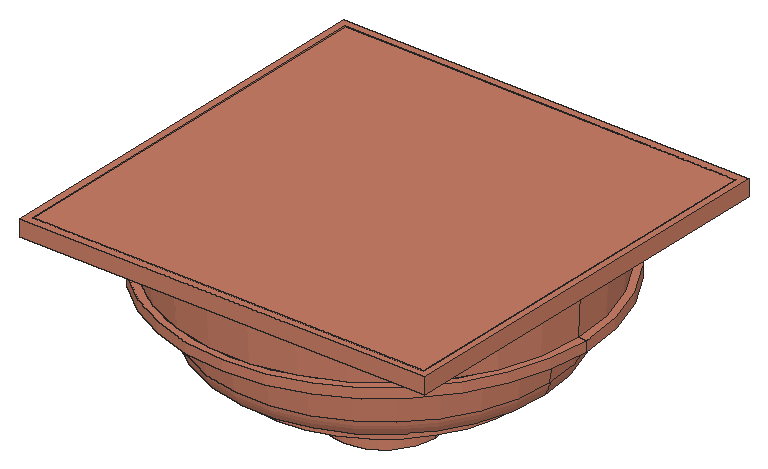
Revit family
Parameters (values of type "1410-03")
  Weight (lb) = 47.52
  Warranty = "1 year material and workmanship"  # constant formula
  URL = "http://www.jrsmith.com"
  Threaded = yes
  Technical and Installation = "http://www.jrsmith.com/products/roof/tech_data_index.htm"
  SmartBIM Object Version = 3  # constant formula
  SmartBIM Object Created By = "Reed Construction Data"  # constant formula
  Push On = yes
  Product URL = "http://www.jrsmith.com/products/roof/submittal/d1410.pdf"
  Pipe Radius = Pipe Diameter / 2  # 1 1/2"
  Pipe Diameter = 3"
  OmniClass Title = "Roof Drains"  # constant formula
  OmniClass Code = "22-22 14 26 13"  # constant formula
  No Hub = yes
  Model = "1410"  # constant formula
  Material Finish = Cast Iron
  Material = Duco Coated
  Manufacturer = "Jay R. Smith Mfg. Co. "  # constant formula
  Free Area (in²) = "50.25"
  Description = "Duco cast iron body and flashing clamp with seepage openings and secured square hole heavy duty grate"  # constant formula
  Default Elevation = 0"
  Connection Type = ""
  Caulk = yes
  Assembly Code = "D2040200"
  95 CSI = "15165"  # constant formula
  04 CSI = "22 14 35"  # constant formula
Types (6): name | Weight (lb) | Pipe Radius | Pipe Diameter
  (no name) | 47.52 | 1 1/2" | 3"
  1410-02 | 41.16 | 1" | 2"
  1410-03 | 47.52 | 1 1/2" | 3"
  1410-04 | 47.61 | 2" | 4"
  1410-05 | 47.54 | 2 1/2" | 5"
  1410-06 | 46.6 | 3" | 6"
Reference planes (in)
  plane 1 "Center (Front/Back)": y = 0
  plane 2: z = 0
  plane 3 "Center (Left/Right)": x = 0
  plane 4: z = 2.3512
  plane 5: z = 0.3512
  plane 6: z = -4.6488
Forms (in)
  Revolve 1, solid, material "Cast Iron" <- "Material Finish"
    sketch origin (0, 0, 0) x (1, 0, 0) y (0, 0, 1)
      loop
        line (1.5, -4.6488) -> (1.82273, -4.6488) -> (1.82273, -2.63587) -> (4.8064, -2.63587) -> (4.8064, -2.18282)
        arc (4.8064, -2.18282) -> (5.52325, -2.0815) -> (5.91762, -1.47436) r 0.87375
        line (5.91762, -1.47436) -> (6.04664, -0.61415) -> (7.21333, 0) -> (7.21333, 0.3512) -> (6.93346, 0.3512) -> (7.02411, 1.76273) -> (6.7736, 1.76273) -> (6.68295, 0.3512) -> (5.20554, 0.3512) -> (5.15868, -1.96848) -> (4.61693, -1.96848) -> (4.61693, -2.35031) -> (1.5, -2.35031) -> (1.5, -4.6488)
      axis (0, 1.76273) -> (0, -4.6488)
    angle from 0 to 360
  Extrusion 2, solid, material "Cast Iron" <- "Material Finish"
    sketch origin (0, 0, 0.3512) x (1, 0, 0) y (0, 1, 0)
      loop
        line (-7.21333, -7.21333) -> (7.21333, -7.21333) -> (7.21333, 7.21333) -> (-7.21333, 7.21333) -> (-7.21333, -7.21333)
      loop
        line (6.96333, 6.96333) -> (-6.96333, 6.96333) -> (-6.96333, -6.96333) -> (6.96333, -6.96333) -> (6.96333, 6.96333)
    from 1.41154 to 2
  Extrusion 3, solid, material "Duco Coated" <- "Material"
    sketch origin (0, 0, 0.3512) x (1, 0, 0) y (0, 1, 0)
      loop
        line (-6.96333, 6.96333) -> (-6.96333, -6.96333) -> (6.96333, -6.96333) -> (6.96333, 6.96333) -> (-6.96333, 6.96333)
    from 1.41154 to 2
Lines and regions (in)
  symbolic lines
    curve 1: line (-6.96333, 6.96333, 0) -> (6.96333, 6.96333, 0)
    curve 2: line (-6.96333, -6.96333, 0) -> (-6.96333, 6.96333, 0)
    curve 3: line (6.96333, -6.96333, 0) -> (-6.96333, -6.96333, 0)
    curve 4: line (6.96333, 6.96333, 0) -> (6.96333, -6.96333, 0)
    curve 5: line (-7.21333, 7.21333, 0) -> (7.21333, 7.21333, 0)
    curve 6: line (-7.21333, -7.21333, 0) -> (-7.21333, 7.21333, 0)
    curve 7: line (7.21333, -7.21333, 0) -> (-7.21333, -7.21333, 0)
    curve 8: line (7.21333, 7.21333, 0) -> (7.21333, -7.21333, 0)
Dimensions and locks (in)
  "Pipe Radius": Revolve 1 sketch curve to plane 3 "Center (Left/Right)"
  locked: Revolve 1 sketch curve to Revolve 1 sketch curve at 0.18947
  Revolve 1 sketch curve to Revolve 1 sketch curve to Revolve 1 sketch curve to Revolve 1 sketch curve to Revolve 1 sketch curve to Revolve 1 sketch curve to Revolve 1 sketch curve to Revolve 1 sketch curve = 0.00709" locked, 0.27982", 0.18834", 0.06212", 0.61667" locked, 0.86043" locked, 0.34788" locked
  locked: Revolve 1 sketch curve to plane 3 "Center (Left/Right)" at 4.61693
  locked: plane 4 to plane 5 at 2
  locked: plane 5 to plane 6 at 5
  aligned and locked: Revolve 1 sketch curve to plane 3 "Center (Left/Right)"
  aligned and locked: Extrusion 3 to plane 4
  aligned and locked: Extrusion 2 to plane 4
  aligned and locked: Extrusion 3 to Revolve 1
  aligned and locked: Extrusion 2 to Revolve 1
  aligned and locked: plane 6 to Revolve 1
Automatic sketch dimensions
  curve 7 to plane 3 "Center (Left/Right)" = 7.21333"
  curve 6 to curve 3 = 1/4"  (x2)
  plane 3 "Center (Left/Right)" to curve 1 = 6.96333"
  curve 3 to curve 7 = 1/4"
  plane 1 "Center (Front/Back)" to curve 8 = 7.21333"
  curve 1 to plane 1 "Center (Front/Back)" = 6.96333"
  curve 1 to curve 5 = 1/4"
  level to Revolve 1 sketch curve = 0.3512"  (x2)
  Revolve 1 sketch curve to Revolve 1 sketch curve = 0.32273"
  Revolve 1 sketch curve to Revolve 1 sketch curve = 0.4366"
  Revolve 1 sketch curve to Revolve 1 sketch curve = 0.35228"
  Revolve 1 sketch curve to Revolve 1 sketch curve = 0.15201"
  Revolve 1 sketch curve to level = 1.47436"
  Revolve 1 sketch curve to Revolve 1 sketch curve = 0.86409"
  Revolve 1 sketch curve to level = 0.61415"
  Revolve 1 sketch curve to Revolve 1 sketch curve = 0.12902"
  Revolve 1 sketch curve to Revolve 1 sketch curve = 0.25052"
  Revolve 1 sketch curve to Revolve 1 sketch curve = 0.16749"
  Revolve 1 sketch curve to Revolve 1 sketch curve = 0.28556"
  Revolve 1 sketch curve to Revolve 1 sketch curve = 2.01294"
  Revolve 1 sketch curve to Revolve 1 sketch curve = 42.00675"
  Extrusion 2 sketch curve to plane 3 "Center (Left/Right)" = 7.21333"
  Extrusion 2 sketch curve to Extrusion 2 sketch curve = 1/4"  (x4)
  plane 3 "Center (Left/Right)" to Extrusion 2 sketch curve = 6.96333"
  plane 1 "Center (Front/Back)" to Extrusion 2 sketch curve = 7.21333"
  Extrusion 2 sketch curve to plane 1 "Center (Front/Back)" = 6.96333"
  Extrusion 3 sketch curve to plane 3 "Center (Left/Right)" = 6.96333"
  plane 3 "Center (Left/Right)" to Extrusion 3 sketch curve = 6.96333"
  plane 1 "Center (Front/Back)" to Extrusion 3 sketch curve = 6.96333"
  Extrusion 3 sketch curve to plane 1 "Center (Front/Back)" = 6.96333"
  level to Revolve 1 sketch curve = 1.76273"
  Revolve 1 sketch curve to Revolve 1 sketch curve = 93.3023"
Connectors (in)
  piping at (0, 0, -4.6488), driven by "Pipe Radius"
    settings: on Revolve 1, index 1
